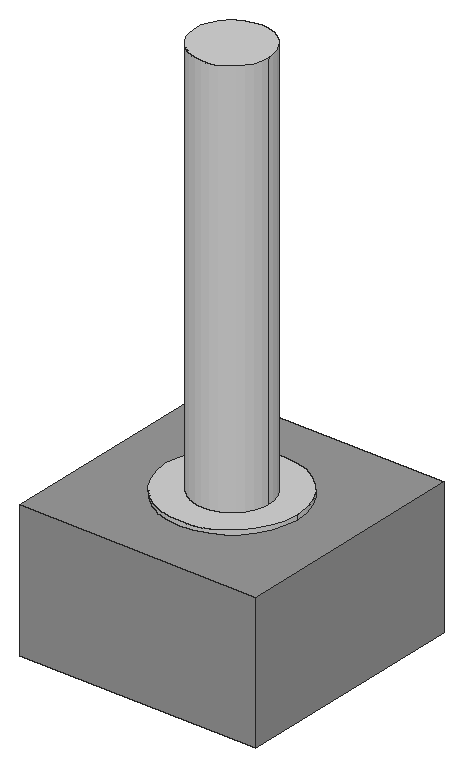
Revit family "Bollard-1_800_Bollards-Baseplate-CS4", category Site, Revit 2017
Family settings
  Round Connector Dimension = Use Diameter
  Part Type = Normal
  OmniClass Number = 23.15.10.11.21
  OmniClass Title = Traffic Safety Barriers and Protections
  Work Plane-Based = No
  Always vertical = Yes
  Cut with Voids When Loaded = No
  Shared = No
Parameters (values of type "6 in")
  URL = "https://1800bollards.com/"
  Type Comments = if([4 in Bollard], "4 in Nominal Diameter", if([5 in Bollard], "5 in Nominal Diameter", if([6 in Bollard], "6 in Nominal Diameter", if([8 in Bollard], "8 in Nominal Diameter", if([10 in Bollard], "10 in Nominal Diameter", if([12 in Bollard], "12 in Nominal Diameter", "3 in Nominal Diameter"))))))  # "6 in Nominal Diameter"
  Thickness = if([4 in Bollard], 0' 4 1/2", if([5 in Bollard], 0' 5 143/256", if([6 in Bollard], 0' 6 159/256", if([8 in Bollard], 0' 8 159/256", if([10 in Bollard], 0' 10 3/4", if([12 in Bollard], 1' 0 3/4", 0' 3 1/2"))))))  # 0' - 6 159/256"
  Stainless Steel = not(Carbon Steel)  # yes
  Sloped Offset [instance] = if(Sloped, 0' 0", Thickness)  # 0' - 6 159/256"
  Sloped [instance] = no
  Reveal Offset [instance] = if(Reveal, 0' 2 179/256", 0' 0")  # 0' - 0"
  Reveal [instance] = no
  Product Page URL = "https://1800bollards.com/product-category/security-bollards/"
  Product Name = "Security Bollards"  # constant formula
  Product Documentation Link = "https://microsite.caddetails.com/main/company/viewproduct?productID=19702&companyID=5046&isFeatured=False&microsite=1&currentTab=Product"
  Model = "Baseplate Mounted Bollards"  # constant formula
  Manufacturer = "1-800-BOLLARDS"  # constant formula
  Height Below Grade = 0' - 0"  # constant formula
  Height = 3' - 0"  # constant formula
  Foundation Width = if([12 in Bollard], 2' 6", 1' 9")  # 1' - 9"
  Foundation Depth = 1' - 0"  # constant formula
  Flat [instance] = not(or(or(Dome, Reveal, Sloped)))  # yes
  Finish = Metal-1_800_Bollards-Stainless_Steel
  Dome Offset [instance] = if(Dome, 0' 0", Dome Height + 0' 1")  # 0' - 2.91135"
  Dome Height = Bollard Radius * tan(30.00°)  # 0' - 1.91135"
  Dome [instance] = no
  Description = if(Carbon Steel, "Carbon Steel Baseplate Bollard", "Stainless Steel Baseplate Bollard")  # "Stainless Steel Baseplate Bollard"
  Concrete by others = yes
  Concrete Finish by others = Concrete, Lightweight
  Carbon Steel = no
  Bollard Radius = Thickness / 2  # 0' - 3.31055"
  Base Plate Width = if(and([4 in Bollard], Stainless Steel), 0' 8 177/256", if(and([4 in Bollard], Carbon Steel), 0' 8", if(and([5 in Bollard], Stainless Steel), 0' 11 177/256", if(and([5 in Bollard], Carbon Steel), 0' 10", if(and([6 in Bollard], Stainless Steel), 0' 11 177/256", if(and([6 in Bollard], Carbon Steel), 0' 10", if(and([8 in Bollard], Stainless Steel), 1' 3 1/4", if(and([8 in Bollard], Carbon Steel), 1' 0", if(and([10 in Bollard], Stainless Steel), 1' 6 1/4", if(and([10 in Bollard], Carbon Steel), 1' 2", if(and([12 in Bollard], Stainless Steel), 1' 6 1/4", if(and([12 in Bollard], Carbon Steel), 1' 4", if(and([3 in Bollard], Stainless Steel), 0' 7 143/256", 0' 8")))))))))))))  # 0' - 11 177/256"
  Assembly Code = "G2010400"
  8 in Bollard = no
  6 in Bollard = yes
  5 in Bollard = no
  4 in Bollard = no
  3 in Bollard = not(or(or(or(or(or(or([4 in Bollard], [5 in Bollard], [6 in Bollard], [8 in Bollard], [10 in Bollard], [12 in Bollard])))))))  # no
  12 in Bollard = no
  10 in Bollard = no
Types (8): name | Type Comments | Thickness | Sloped Offset | Foundation Width | Dome Offset | Dome Height | Bollard Radius | Base Plate Width | Assembly Code | 8 in Bollard | 6 in Bollard | 5 in Bollard | 4 in Bollard | 3 in Bollard | 12 in Bollard | 10 in Bollard
  (no name) | "6 in Nominal Diameter" | 0' - 6 159/256" | 0' - 6 159/256" | 1' - 9" | 0' - 2.91135" | 0' - 1.91135" | 0' - 3.31055" | 0' - 11 177/256" | "G2010400" | no | yes | no | no | no | no | no
  3 in | "3 in Nominal Diameter" | 0' - 3 1/2" | 0' - 3 1/2" | 1' - 9" | 0' - 2.01036" | 0' - 1.01036" | 0' - 1 3/4" | 0' - 7 143/256" | "G2010400" | no | no | no | no | yes | no | no
  4 in | "4 in Nominal Diameter" | 0' - 4 1/2" | 0' - 4 1/2" | 1' - 9" | 0' - 2.29904" | 0' - 1.29904" | 0' - 2 1/4" | 0' - 8 177/256" | "G2010400" | no | no | no | yes | no | no | no
  5 in | "5 in Nominal Diameter" | 0' - 5 143/256" | 0' - 5 143/256" | 1' - 9" | 0' - 2.60463" | 0' - 1.60463" | 0' - 2.7793" | 0' - 11 177/256" | "G2010400" | no | no | yes | no | no | no | no
  6 in | "6 in Nominal Diameter" | 0' - 6 159/256" | 0' - 6 159/256" | 1' - 9" | 0' - 2.91135" | 0' - 1.91135" | 0' - 3.31055" | 0' - 11 177/256" | "G2010400" | no | yes | no | no | no | no | no
  8 in | "8 in Nominal Diameter" | 0' - 8 159/256" | 0' - 8 159/256" | 1' - 9" | 0' - 3.4887" | 0' - 2.4887" | 0' - 4.31055" | 1' - 3 1/4" | "G2010400" | yes | no | no | no | no | no | no
  10 in | "10 in Nominal Diameter" | 0' - 10 3/4" | 0' - 10 3/4" | 1' - 9" | 0' - 4.10326" | 0' - 3.10326" | 0' - 5 3/8" | 1' - 6 1/4" | "G2010400" | no | no | no | no | no | no | yes
  12 in | "12 in Nominal Diameter" | 1' - 0 3/4" | 1' - 0 3/4" | 2' - 6" | 0' - 4.68061" | 0' - 3.68061" | 0' - 6 3/8" | 1' - 6 1/4" | "G2020400" | no | no | no | no | no | yes | no
Reference planes (in)
  plane 1 "Center (Front/Back)": y = 0
  plane 2: z = 0
  plane 3 "Center (Left/Right)": x = 0
  plane 4 "Top": z = 36
  plane 5 "Bottom": z = 0
  plane 6 "Right": x = 3.31055
  plane 7 "Left": x = -3.31055
  plane 8 "Back": y = 3.31055
  plane 9 "Front": y = -3.31055
  plane 10 "Base Plate Top": z = 0.38
Forms (in)
  Extrusion 1, solid, material "Metal-1_800_Bollards-Stainless_Steel" <- "Finish", detail levels medium+fine
    sketch origin (0, 0, 0) x (1, 0, 0) y (0, 1, 0)
      loop
        circle (0, 0) r 3.31055
    from 0 to 36
  Extrusion 2, solid, material "Metal-1_800_Bollards-Stainless_Steel" <- "Finish", detail levels coarse
    sketch origin (0, 0, 0) x (1, 0, 0) y (0, 1, 0)
      loop
        line (-3.31055, 3.31055) -> (-3.31055, -3.31055) -> (3.31055, -3.31055) -> (3.31055, 3.31055) -> (-3.31055, 3.31055)
    from 0 to 36
  Extrusion 3, void
    sketch origin (0, 0, 0) x (0, 1, 0) y (0, 0, 1)
      loop
        line (-3.31055, 42.62109) -> (3.31055, 37.98495) -> (3.31055, 42.62109) -> (-3.31055, 42.62109)
    from -3.31055 to 3.31055
  Revolve 4, void
    sketch origin (0, 0, 0.125) x (1, 0, 0) y (0, 0, 1)
      loop
        line (3.1567, 37.125) -> (3.1567, 35.875) -> (3.31055, 35.875) -> (3.31055, 37.125) -> (3.1567, 37.125)
      axis (0, 35.875) -> (0, 37.125)
    angle from 0 to 360
  Revolve 5, void
    sketch origin (0, 0, 0) x (1, 0, 0) y (0, 0, 1)
      loop
        line (3.31055, 37) -> (3.31055, 38.91135) -> (0, 38.91135)
        arc (0, 38.91135) -> (1.91135, 38.3992) -> (3.31055, 37) r 3.82269
      axis (0, 38.91135) -> (0, 37)
    angle from 0 to 360
  Extrusion 6, solid, material "Metal-1_800_Bollards-Stainless_Steel" <- "Finish", visible <- "Carbon Steel", detail levels medium+fine
    sketch origin (0, 0, 0) x (1, 0, 0) y (0, 1, 0)
      loop
        line (-5.8457, 5.8457) -> (-5.8457, -5.8457) -> (5.8457, -5.8457) -> (5.8457, 5.8457) -> (-5.8457, 5.8457)
    from 0 to 0.38
  Extrusion 7, solid, material "Metal-1_800_Bollards-Stainless_Steel" <- "Finish", visible <- "Stainless Steel", detail levels medium+fine
    sketch origin (0, 0, 0) x (1, 0, 0) y (0, 1, 0)
      loop
        circle (0, 0) r 5.8457
    from 0 to 0.38
  Extrusion 8, solid, material "Concrete, Lightweight" <- "Concrete Finish by others", visible <- "Concrete by others"
    sketch origin (0, 0, 0) x (1, 0, 0) y (0, 1, 0)
      loop
        line (-10.5, 10.5) -> (-10.5, -10.5) -> (10.5, -10.5) -> (10.5, 10.5) -> (-10.5, 10.5)
    from -12 to 0
Cuts and joins
  Extrusion 3, Revolve 4, Revolve 5 cuts Extrusion 1
Dimensions and locks (in)
  "Height": plane 4 "Top" to level
  "Height Below Grade": level to plane 5 "Bottom"
  "Thickness": plane 7 "Left" to plane 6 "Right"
  "Thickness": plane 9 "Front" to plane 8 "Back"
  equal spacing: plane 9 "Front", plane 1 "Center (Front/Back)", plane 8 "Back"
  equal spacing: plane 7 "Left", plane 3 "Center (Left/Right)", plane 6 "Right"
  "Sloped Offset": Extrusion 3 sketch curve to plane 4 "Top"
  plane 6 "Right" to Revolve 4 sketch curve to Revolve 4 sketch curve = 0' - 0" locked, 0' - 0.15385" locked
  "Reveal Offset": plane 4 "Top" to Revolve 4 sketch curve
  locked: Revolve 4 sketch curve to Revolve 4 sketch curve at 1.25
  "Dome Offset": Revolve 5 sketch curve to plane 4 "Top"
  "Dome Height": Revolve 5 sketch curve to Revolve 5 sketch curve
  locked: plane 10 "Base Plate Top" to level at 0.38
  locked: plane 3 "Center (Left/Right)" to Extrusion 7 sketch curve at 0
  locked: plane 1 "Center (Front/Back)" to Extrusion 7 sketch curve at 0
  equal spacing: Extrusion 6 sketch curve, plane 3 "Center (Left/Right)", Extrusion 6 sketch curve
  equal spacing: Extrusion 6 sketch curve, plane 1 "Center (Front/Back)", Extrusion 6 sketch curve
  "Base Plate Width": Extrusion 6 sketch curve to Extrusion 6 sketch curve  (x2)
  equal spacing: Extrusion 8 sketch curve, plane 3 "Center (Left/Right)", Extrusion 8 sketch curve
  equal spacing: Extrusion 8 sketch curve, plane 1 "Center (Front/Back)", Extrusion 8 sketch curve
  "Foundation Width": Extrusion 8 sketch curve to Extrusion 8 sketch curve  (x2)
  "Foundation Depth": level to Extrusion 8
  locked: plane 3 "Center (Left/Right)" to Extrusion 1 sketch curve at 0
  locked: plane 1 "Center (Front/Back)" to Extrusion 1 sketch curve at 0
  "Bollard Radius": radius of Extrusion 1 sketch curve
  "Base Plate Width": diameter of Extrusion 7 sketch curve
  locked: Extrusion 3 sketch curve to plane 4 "Top" (angle 35.00°)
  aligned and locked: plane 2 to level
  aligned and locked: plane 4 "Top" to Extrusion 1
  aligned and locked: plane 8 "Back" to Extrusion 2 sketch curve
  aligned and locked: plane 7 "Left" to Extrusion 2 sketch curve
  aligned and locked: Extrusion 2 sketch curve to plane 9 "Front"
  aligned and locked: Extrusion 2 sketch curve to plane 6 "Right"
  aligned and locked: plane 4 "Top" to Extrusion 2
  aligned and locked: Revolve 4 sketch curve to plane 3 "Center (Left/Right)"
  aligned and locked: plane 6 "Right" to Revolve 5 sketch curve
  aligned and locked: plane 3 "Center (Left/Right)" to Revolve 5 sketch curve
  aligned and locked: plane 3 "Center (Left/Right)" to nested 2
  aligned and locked: nested 2 to level
  aligned and locked: nested 1 to plane 1 "Center (Front/Back)"
  aligned and locked: nested 1 to level
  aligned and locked: plane 6 "Right" to Extrusion 3
  aligned and locked: Extrusion 3 to plane 7 "Left"
  aligned and locked: Extrusion 3 sketch curve to plane 8 "Back"
  aligned and locked: plane 9 "Front" to Extrusion 3 sketch curve
  aligned and locked: Extrusion 7 to level
  aligned and locked: Extrusion 6 to level
  aligned and locked: plane 10 "Base Plate Top" to Extrusion 6
  aligned and locked: plane 10 "Base Plate Top" to Extrusion 7
  aligned and locked: level to Extrusion 8
  aligned and locked: Extrusion 2 to level
  aligned and locked: plane 5 "Bottom" to cut or joined group of Extrusion 1, Extrusion 3, Revolve 4, Revolve 5
Automatic sketch dimensions
  Revolve 4 sketch curve to plane 4 "Top" = 0' - 0.67477"
  Revolve 4 sketch curve to Revolve 4 sketch curve = 0' - 0.45023"
  Revolve 5 sketch curve to plane 3 "Center (Left/Right)" = 0' - 0"
  Revolve 5 sketch curve to Revolve 5 sketch curve = 0' - 0.90788"
  plane 4 "Top" to Revolve 5 sketch curve = 0' - 0 5/8"
Nested families (in)
  nested 1: "Nested-1_800_Bollards-Baseplate-Mounting_Detail" at (0, 0, 0) x (0, 1, 0) z (1, 0, 0), type "Mounting_Detail"
  nested 2: "Nested-1_800_Bollards-Baseplate-Mounting_Detail" at (0, 0, 0) x (1, 0, 0) z (0, -1, 0), type "Mounting_Detail"
Definition of nested family "Nested-1_800_Bollards-Baseplate-Mounting_Detail"
  Parameters (values of type "Mounting_Detail")
    Width = 1' - 9"
    Warranty = ""
    URL = "https://1800bollards.com/"
    Type Comments = "For use with 1-800-Bollards Models Only"  # constant formula
    Product Page URL = "https://1800bollards.com/product-category/security-bollards/"
    Product Name = "Security Bollards"  # constant formula
    Product Documentation Link = "https://microsite.caddetails.com/main/company/viewproduct?productID=19702&companyID=5046&isFeatured=False&microsite=1&currentTab=Product"
    Model = "Fixed Bollard Mounting Detail"  # constant formula
    Manufacturer = "1-800-BOLLARDS"  # constant formula
    Description = "Baseplate Bollard"  # constant formula
    Depth = 1' - 0"
    Concrete by others = yes
    Base Plate Width = 1' - 3 1/4"
  Reference planes (in)
    plane 1 "Top": y = 0
    plane 2: z = 0
    plane 3 "Center (Left/Right)": x = 0
    plane 4 "Bottom": y = -12
    plane 5 "Left": x = -10.5
    plane 6 "Right": x = 10.5
  Lines and regions (in)
    Filled region 1, type "Concrete", in view "Ref. Level", visible <- "Concrete by others", detail levels medium+fine
      outline origin (0, 0, 0) x (1, 0, 0) y (0, 1, 0)
        loop
          line (-10.5, 0) -> (-10.5, -12) -> (10.5, -12) -> (10.5, 0) -> (-10.5, 0)
    Masking region 1, in view "Ref. Level", visible <- "Concrete by others", detail levels coarse
      outline origin (0, 0, 0) x (1, 0, 0) y (0, 1, 0)
        loop
          line (-10.5, 0) -> (-10.5, -12) -> (10.5, -12) -> (10.5, 0) -> (-10.5, 0)
    Masking region 2, in view "Ref. Level", detail levels medium+fine
      outline origin (0, 0, 0) x (1, 0, 0) y (0, 1, 0)
        loop
          line (-7.625, 0) -> (7.625, 0) -> (7.625, 0.38) -> (-7.625, 0.38) -> (-7.625, 0)
    Masking region 3, in view "Ref. Level", detail levels fine
      outline origin (0, 0, 0) x (1, 0, 0) y (0, 1, 0)
        loop
          line (-7.46338, -5.76993) -> (-9.23876, -5.76993) -> (-9.23876, -6.32683) -> (-7.46332, -6.32683)
          arc (-7.46332, -6.32683) -> (-6.44189, -5.90374) -> (-6.0188, -4.88231) r 1.44452
          line (-6.0188, -4.88231) -> (-6.0188, 0) -> (-5.80982, 0) -> (-5.80982, 0.89654) -> (-5.87942, 0.93155) -> (-6.0188, 0.93155) -> (-6.0188, 1.21848) -> (-6.12316, 1.33169) -> (-6.46255, 1.33169) -> (-6.56691, 1.21848) -> (-6.56691, 0.93155) -> (-6.70629, 0.93155) -> (-6.77589, 0.89654) -> (-6.77589, 0) -> (-6.56691, 0) -> (-6.56691, -4.87346)
          arc (-6.56691, -4.87346) -> (-6.82948, -5.50736) -> (-7.46338, -5.76993) r 0.89647
        loop
          arc (7.46332, -5.76993) -> (6.82942, -5.50736) -> (6.56685, -4.87346) r 0.89647
          line (6.56685, -4.87346) -> (6.56685, 0) -> (6.77583, 0) -> (6.77583, 0.89654) -> (6.70623, 0.93155) -> (6.56685, 0.93155) -> (6.56685, 1.21848) -> (6.46248, 1.33169) -> (6.1231, 1.33169) -> (6.01874, 1.21848) -> (6.01874, 0.93155) -> (5.87935, 0.93155) -> (5.80976, 0.89654) -> (5.80976, 0) -> (6.01874, 0) -> (6.01874, -4.88231)
          arc (6.01874, -4.88231) -> (6.44183, -5.90374) -> (7.46326, -6.32683) r 1.44452
          line (7.46326, -6.32683) -> (9.2387, -6.32683) -> (9.2387, -5.76993) -> (7.46332, -5.76993)
  Dimensions and locks (in)
    "Depth": plane 4 "Bottom" to plane 1 "Top"
    "Width": plane 5 "Left" to plane 6 "Right"
    equal spacing: plane 5 "Left", plane 3 "Center (Left/Right)", plane 6 "Right"
    plane 1 "Top" to Masking region 2 sketch curve to Masking region 2 sketch curve = 0' - 0" locked, 0' - 0.38" locked
    equal spacing: Masking region 2 sketch curve, plane 3 "Center (Left/Right)", Masking region 2 sketch curve
    "Base Plate Width": Masking region 2 sketch curve to Masking region 2 sketch curve
    Masking region 3 sketch curve to Masking region 3 sketch curve to Masking region 3 sketch curve to Masking region 3 sketch curve to Masking region 3 sketch curve to Masking region 3 sketch curve to plane 1 "Top" to Masking region 3 sketch curve to Masking region 3 sketch curve to Masking region 3 sketch curve to Masking region 3 sketch curve to Masking region 3 sketch curve to Masking region 3 sketch curve to Masking region 3 sketch curve = 0' - 0.5569" locked, 0' - 0.88762" locked, 0' - 0.00885" locked, 0' - 4.87346" locked, 0' - 0" locked, 0' - 0" locked, 0' - 0.89654" locked, 0' - 0" locked, 0' - 0.03502" locked, 0' - 0" locked, 0' - 0.28692" locked, 0' - 0" locked, 0' - 0.11321" locked  (x2)
    Masking region 3 sketch curve to Masking region 2 to Masking region 3 sketch curve to Masking region 3 sketch curve to Masking region 3 sketch curve to Masking region 3 sketch curve to Masking region 3 sketch curve to Masking region 3 sketch curve to Masking region 3 sketch curve to Masking region 3 sketch curve to Masking region 3 sketch curve to Masking region 3 sketch curve to Masking region 3 sketch curve to Masking region 3 sketch curve = 0' - 1.61376" locked, 0' - 0.16162" locked, 0' - 0.00006" locked, 0' - 0.68743" locked, 0' - 0.0696" locked, 0' - 0.13938" locked, 0' - 0" locked, 0' - 0.10436" locked, 0' - 0.33939" locked, 0' - 0.10436" locked, 0' - 0" locked, 0' - 0.13938" locked, 0' - 0.0696" locked
    Masking region 3 sketch curve to Masking region 2 to Masking region 3 sketch curve to Masking region 3 sketch curve to Masking region 3 sketch curve to Masking region 3 sketch curve to Masking region 3 sketch curve to Masking region 3 sketch curve to Masking region 3 sketch curve to Masking region 3 sketch curve to Masking region 3 sketch curve to Masking region 3 sketch curve to Masking region 3 sketch curve to Masking region 3 sketch curve = 0' - 1.6137" locked, 0' - 0.16168" locked, 0' - 0.00006" locked, 0' - 0.68743" locked, 0' - 0.0696" locked, 0' - 0.13938" locked, 0' - 0" locked, 0' - 0.10436" locked, 0' - 0.33939" locked, 0' - 0.10436" locked, 0' - 0" locked, 0' - 0.13938" locked, 0' - 0.0696" locked
    aligned and locked: plane 1 "Top" to Filled region 1 sketch curve
    aligned and locked: plane 1 "Top" to Masking region 1 sketch curve
    aligned and locked: plane 4 "Bottom" to Masking region 1 sketch curve
    aligned and locked: plane 6 "Right" to Masking region 1 sketch curve
    aligned and locked: plane 5 "Left" to Masking region 1 sketch curve
    aligned and locked: plane 5 "Left" to Filled region 1 sketch curve
    aligned and locked: plane 6 "Right" to Filled region 1 sketch curve
    aligned and locked: plane 4 "Bottom" to Filled region 1 sketch curve
